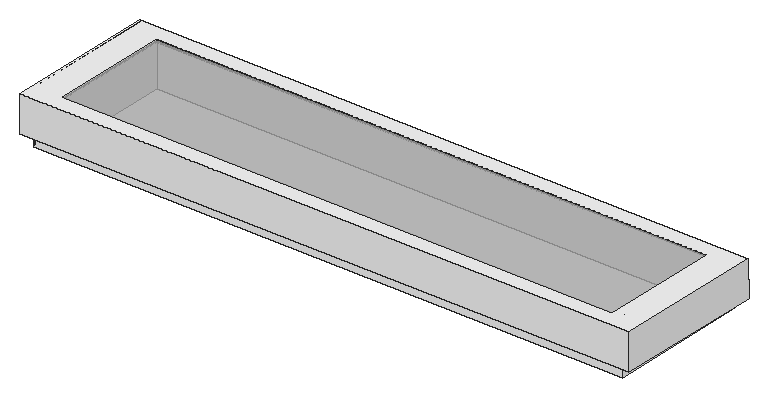
Revit family "2059438 Lighting Fixture_Sylvania_Lytepanel II-Surface 1200x300_Surface Mounted", category Lighting Fixtures, host Face, Revit 2017
Family settings
  Host = Face
  Round Connector Dimension = Use Diameter
  Part Type = Normal
  OmniClass Number = 23.80.70.11.17
  OmniClass Title = Specialized Lighting by Location or Use
  Cut with Voids When Loaded = No
  Light Source = Yes
  Shared = No
  Room Calculation Point = No
Parameters (values of type "LYTEPANEL II 1200 4K DALI SM")
  Width = 310.0 mm
  Weight = 8.2 kg
  Wattage Comments = ""
  Wattage = 41.2971 W
  built-in parameter 1150110 = 1 (stored number, unit not read)
  Voltage Comments = "UNI ( Universal Voltage; 220-240 Volt )"  # constant formula
  Voltage = 230 V  # constant formula
  URL = "http://www.sylvania-lighting.com"
  built-in parameter 1114217 = 1 (stored number, unit not read)
  Tilt Angle = -90.00°
  built-in parameter 1150109 = 1 (stored number, unit not read)
  built-in parameter 1150134 = 12
  built-in parameter 1150113 = 1 (stored number, unit not read)
  Reflector Material = Metal_Sylvania_Lytepanel II_Silver
  Product Page URL = "http://www.sylvania-lighting.com/product/en-int/products/2059438"
  Product Family = "LYTEPANEL II SURFACE 1200x300"  # constant formula
  Photometry Comments = ""
  Photometric Web File = "2059438_LYTEPANELII12004KDALISM-208806.ies"
  Life = "50 000h"  # constant formula
  Length = 1260.0 mm
  LOR = "100%"  # constant formula
  IP Rating = "IP40"  # constant formula
  IK Rating = "IK02"  # constant formula
  Glare Control = "UGR<18"
  Electrical Protection = "CLASS I"  # constant formula
  Dimming Range = "1%-100%"  # constant formula
  CRI ( Ra ) = 80  # constant formula
  Body Material = Steel_Sylvania_Lytepanel II_White
  Height = 95.0 mm
  Glow Wire Test = 650 °C  # constant formula
  Energy Class = "A++,A+, A"  # constant formula
  Emit from Rectangle Width = Width - 64.0 mm  # 246.0 mm
  Emit from Rectangle Length = Length - 120.0 mm  # 1140.0 mm
  Emit Shape Visible in Rendering = no
  Drive Current = "275mA"
  Diffuser Material = Polycarbonate_Sylvania_Lytepanel II_
  Created by = "Feilo Sylvania"  # constant formula
  built-in parameter 1114216 [instance] = 1 (stored number, unit not read)
  Model = "LYTEPANEL II 1200 4K DALI SM"
  Manufacturer = "Feilo Sylvania"
  built-in parameter 1150105 = 2053.6 (stored number, unit not read)
  Lumens = 4349 lm
  built-in parameter 1150115 = 1 (stored number, unit not read)
  built-in parameter 1150137 = (empty or 0)
  built-in parameter 1150139 = (empty or 0)
  built-in parameter 1150112 = 1 (stored number, unit not read)
  built-in parameter 1150114 = 1 (stored number, unit not read)
  Lamp = "Integrated LED"
  built-in parameter 1150132 = 2
  built-in parameter 1150102 = (empty or 0)
  built-in parameter 1150107 = 4000 (stored number, unit not read)
  built-in parameter 1150138 = (empty or 0)
  built-in parameter 1150106 = 20.536 (stored number, unit not read)
  built-in parameter 1150104 = 9.7836 (stored number, unit not read)
  Dimming Lamp Color Temperature Shift = <None>
  Description = "Architectural flat panel with even homogenous light distribution. Lay-in for 600 x 600 & 1200 x 300 exposed T bar grid systems with SAS330/SAS330G versions available. Up to 4640 fixture lumens. Up to 145 lumens per watt effi ciency. Uses new highly transmissive LED diffuser material. Low glare version with UGR <18"  # constant formula
  Default Elevation = 0.0 mm
  Color Filter = 16777215
  Catalog Number = "2059438 LYTEPANEL II 1200 4K DALI SM"
  built-in parameter 1140040 [instance] = 1
  Beam Angle = 120.00°  # constant formula
  built-in parameter 1114218 = 1 (stored number, unit not read)
  built-in parameter 1150133 = 10 (stored number, unit not read)
  Assembly Code = "D5020200"
  Apparent Load Comments = ""
  Apparent Load = 32 VA
Reference planes
  plane 1 "Center (Front/Back)": y = 0
  plane 2 "Fixture Bottom": z = 95
  plane 3 "Center (Left/Right)": x = -27.322
  plane 4 "Fixture Left": x = -657.322
  plane 5 "Fixture Right": x = 602.678
  plane 6 "Fixture Back": y = 155
  plane 7 "Fixture Front": y = -155
  plane 8: y = 123
  plane 9: y = -123
  plane 10: x = 542.678
  plane 11: x = -597.322
  plane 12: z = 93
  plane 13: x = -655.322
  plane 14: x = 600.678
  plane 15: y = 153
  plane 16: y = -153
  plane 17: z = 21
  plane 18: z = 23
  plane 19: y = 146
  plane 20: y = -146
  plane 21: x = -637.322
  plane 22: x = 582.678
  plane 23: y = 144
  plane 24: y = -144
  plane 25: x = -635.322
  plane 26: x = 580.678
  plane 27: z = 2
  plane 28 "Reflector Bottom": z = 91
  plane 29: z = 89
  plane 30: x = -615.322
  plane 31: x = 560.678
  plane 32: y = 140
  plane 33: y = -140
  plane 34: x = -602.322
  plane 35: x = -600.322
  plane 36: x = 549.678
  plane 37: x = 545.678
  plane 38 "Reflector Top": z = 3
  plane 39 "Reflector Void Top": z = 5
  plane 40: y = 123
  plane 41: y = -123
  plane 42: x = -597.322
  plane 43: x = 542.678
  plane 44: x = -595.322
  plane 45: x = 540.678
  plane 46: y = 121
  plane 47: y = -121
  plane 48: y = 125
  plane 49: y = -125
  plane 50 "Fixture Top": z = 0
Forms (mm)
  Extrusion 1, solid, material "Steel_Sylvania_Lytepanel II_White" <- "Body Material", detail levels fine
    sketch origin (0, 0, 95) x (1, 0, 0) y (0, 1, 0)
      loop
        line (-657.322, 155) -> (-657.322, -155) -> (602.678, -155) -> (602.678, 155) -> (-657.322, 155)
      loop
        line (-597.322, 120) -> (-597.322, -120)
        arc (-597.322, -120) -> (-596.444, -122.121) -> (-594.322, -123) r 3
        line (-594.322, -123) -> (539.678, -123)
        arc (539.678, -123) -> (541.799, -122.121) -> (542.678, -120) r 3
        line (542.678, -120) -> (542.678, 120)
        arc (542.678, 120) -> (541.799, 122.121) -> (539.678, 123) r 3
        line (539.678, 123) -> (-594.322, 123)
        arc (-594.322, 123) -> (-596.444, 122.121) -> (-597.322, 120) r 3
    from -2 to 0
  Extrusion 2, solid, material "Steel_Sylvania_Lytepanel II_White" <- "Body Material", detail levels fine
    sketch origin (0, 0, 95) x (1, 0, 0) y (0, 1, 0)
      loop
        line (-657.322, 155) -> (-657.322, -155) -> (602.678, -155) -> (602.678, 155) -> (-657.322, 155)
      loop
        line (600.678, 153) -> (-655.322, 153) -> (-655.322, -153) -> (600.678, -153) -> (600.678, 153)
    from -72 to -2
  Extrusion 3, solid, material "Steel_Sylvania_Lytepanel II_White" <- "Body Material", detail levels fine
    sketch origin (0, 0, 95) x (1, 0, 0) y (0, 1, 0)
      loop
        line (-657.322, 155) -> (-657.322, -155) -> (602.678, -155) -> (602.678, 155) -> (-657.322, 155)
      loop
        line (-637.322, 146) -> (-637.322, -146) -> (582.678, -146) -> (582.678, 146) -> (-637.322, 146)
    from -74 to -72
  Extrusion 4, solid, material "Steel_Sylvania_Lytepanel II_White" <- "Body Material", detail levels fine
    sketch origin (0, 0, 95) x (1, 0, 0) y (0, 1, 0)
      loop
        line (582.678, 144) -> (582.678, 146) -> (-637.322, 146) -> (-637.322, 144) -> (582.678, 144)
      loop
        line (-637.322, -144) -> (-637.322, -146) -> (582.678, -146) -> (582.678, -144) -> (-637.322, -144)
    from -93 to -6
  Extrusion 5, solid, material "Steel_Sylvania_Lytepanel II_White" <- "Body Material", detail levels fine
    sketch origin (0, 0, 95) x (1, 0, 0) y (0, 1, 0)
      loop
        line (-635.322, 144) -> (-637.322, 144) -> (-637.322, -144) -> (-635.322, -144) -> (-635.322, 144)
      loop
        line (582.678, 144) -> (580.678, 144) -> (580.678, -144) -> (582.678, -144) -> (582.678, 144)
    from -93 to -72
  Extrusion 6, solid, material "Steel_Sylvania_Lytepanel II_White" <- "Body Material", detail levels fine
    sketch origin (0, 0, 95) x (1, 0, 0) y (0, 1, 0)
      loop
        line (-637.322, 146) -> (-637.322, -146) -> (582.678, -146) -> (582.678, 146) -> (-637.322, 146)
    from -95 to -93
  Extrusion 7, solid, material "Steel_Sylvania_Lytepanel II_White" <- "Body Material", detail levels fine
    sketch origin (0, 0, 95) x (1, 0, 0) y (0, 1, 0)
      loop
        line (-637.322, 146) -> (-637.322, 125) -> (582.678, 125) -> (582.678, 146) -> (-637.322, 146)
      loop
        line (-637.322, -146) -> (582.678, -146) -> (582.678, -125) -> (-637.322, -125) -> (-637.322, -146)
    from -6 to -4
  Extrusion 8, solid, material "Polycarbonate_Sylvania_Lytepanel II_" <- "Diffuser Material", detail levels fine
    sketch origin (0, 0, 95) x (1, 0, 0) y (0, 1, 0)
      loop
        line (-615.322, 140) -> (-615.322, -140) -> (560.678, -140) -> (560.678, 140) -> (-615.322, 140)
    from -4 to -2
  Blend 9, solid, material "Metal_Sylvania_Lytepanel II_Silver" <- "Reflector Material", detail levels fine
    base sketch origin (0, 0, 91) x (-1, 0, 0) y (0, -1, 0)
      loop
        line (-545.678, -125) -> (600.322, -125) -> (600.322, 125) -> (-545.678, 125) -> (-545.678, -125)
    top sketch origin (0, 0, 3) x (-1, 0, 0) y (0, -1, 0)
      loop
        line (597.322, -123) -> (597.322, 123) -> (-542.678, 123) -> (-542.678, -123) -> (597.322, -123)
    from 0 to 0
  Blend 10, void
    base sketch origin (0, 0, 91) x (-1, 0, 0) y (0, -1, 0)
      loop
        line (597.322, -123) -> (597.322, 123) -> (-542.678, 123) -> (-542.678, -123) -> (597.322, -123)
    top sketch origin (0, 0, 5) x (-1, 0, 0) y (0, -1, 0)
      loop
        line (595.322, -121) -> (595.322, 121) -> (-540.678, 121) -> (-540.678, -121) -> (595.322, -121)
    from 0 to 0
  Extrusion 11, solid, material "Steel_Sylvania_Lytepanel II_White" <- "Body Material", detail levels coarse+medium
    sketch origin (0, 0, 5) x (-1, 0, 0) y (0, -1, 0)
      loop
        line (657.322, -155) -> (657.322, 155) -> (-602.678, 155) -> (-602.678, -155) -> (657.322, -155)
    from 16 to 90
  Extrusion 12, solid, material "Steel_Sylvania_Lytepanel II_White" <- "Body Material", detail levels coarse+medium
    sketch origin (0, 0, 5) x (-1, 0, 0) y (0, -1, 0)
      loop
        line (637.322, -146) -> (637.322, 146) -> (-582.678, 146) -> (-582.678, -146) -> (637.322, -146)
    from -5 to 16
Cuts and joins
  Blend 10 cuts Blend 9
  joined: Extrusion 1, Extrusion 2, Extrusion 3
  joined: Extrusion 4, Extrusion 5, Extrusion 6, Extrusion 7
Dimensions and locks
  "Height": plane 2 "Fixture Bottom" to level
  "Length": plane 4 "Fixture Left" to plane 5 "Fixture Right"
  equal spacing: plane 6 "Fixture Back", plane 1 "Center (Front/Back)", plane 7 "Fixture Front"
  "Width": plane 6 "Fixture Back" to plane 7 "Fixture Front"
  plane 18 to plane 17 to plane 39 "Reflector Void Top" to plane 38 "Reflector Top" to plane 27 to level = 2.0 mm locked, 16.0 mm locked, 2.0 mm locked, 1.0 mm locked, 2.0 mm locked
  plane 2 "Fixture Bottom" to plane 12 to plane 28 "Reflector Bottom" to plane 29 = 2.0 mm locked, 2.0 mm locked, 2.0 mm locked
  plane 6 "Fixture Back" to plane 15 to plane 19 to plane 23 to plane 32 to plane 48 to plane 40 to plane 46 = 2.0 mm locked, 7.0 mm locked, 2.0 mm locked, 4.0 mm locked, 15.0 mm locked, 2.0 mm locked, 2.0 mm locked
  plane 7 "Fixture Front" to plane 16 to plane 20 to plane 24 to plane 33 to plane 49 to plane 41 to plane 47 = 2.0 mm locked, 7.0 mm locked, 2.0 mm locked, 4.0 mm locked, 15.0 mm locked, 2.0 mm locked, 2.0 mm locked
  equal spacing: plane 4 "Fixture Left", plane 3 "Center (Left/Right)", plane 5 "Fixture Right"
  plane 4 "Fixture Left" to plane 13 to plane 21 to plane 25 to plane 30 to plane 34 to plane 35 to plane 42 to plane 44 = 2.0 mm locked, 18.0 mm locked, 2.0 mm locked, 20.0 mm locked, 13.0 mm locked, 2.0 mm locked, 3.0 mm locked, 2.0 mm locked
  plane 45 to plane 43 to plane 37 to plane 36 to plane 31 to plane 26 to plane 22 to plane 14 to plane 5 "Fixture Right" = 2.0 mm locked, 3.0 mm locked, 4.0 mm locked, 11.0 mm locked, 20.0 mm locked, 2.0 mm locked, 18.0 mm locked, 2.0 mm locked
  aligned and locked: host face to level
  aligned and locked: plane 2 "Fixture Bottom" to imposter light
  aligned and locked: Extrusion 1 sketch curve to plane 4 "Fixture Left"
  aligned and locked: Extrusion 1 sketch curve to plane 6 "Fixture Back"
  aligned and locked: plane 5 "Fixture Right" to Extrusion 1 sketch curve
  aligned and locked: plane 7 "Fixture Front" to Extrusion 1 sketch curve
  aligned and locked: Extrusion 1 sketch curve to plane 11
  aligned and locked: Extrusion 1 sketch curve to plane 8
  aligned and locked: plane 10 to Extrusion 1 sketch curve
  aligned and locked: plane 9 to Extrusion 1 sketch curve
  aligned and locked: Extrusion 1 to plane 12
  aligned and locked: plane 2 "Fixture Bottom" to Extrusion 1
  aligned and locked: Extrusion 2 sketch curve to plane 4 "Fixture Left"
  aligned and locked: plane 5 "Fixture Right" to Extrusion 2 sketch curve
  aligned and locked: Extrusion 2 sketch curve to plane 6 "Fixture Back"
  aligned and locked: plane 7 "Fixture Front" to Extrusion 2 sketch curve
  aligned and locked: plane 14 to Extrusion 2 sketch curve
  aligned and locked: Extrusion 2 sketch curve to plane 13
  aligned and locked: plane 16 to Extrusion 2 sketch curve
  aligned and locked: Extrusion 2 sketch curve to plane 15
  aligned and locked: plane 12 to Extrusion 2
  aligned and locked: Extrusion 2 to plane 18
  aligned and locked: Extrusion 3 sketch curve to plane 4 "Fixture Left"
  aligned and locked: Extrusion 3 sketch curve to plane 21
  aligned and locked: plane 5 "Fixture Right" to Extrusion 3 sketch curve
  aligned and locked: plane 22 to Extrusion 3 sketch curve
  aligned and locked: Extrusion 3 sketch curve to plane 6 "Fixture Back"
  aligned and locked: Extrusion 3 sketch curve to plane 19
  aligned and locked: plane 7 "Fixture Front" to Extrusion 3 sketch curve
  aligned and locked: plane 20 to Extrusion 3 sketch curve
  aligned and locked: Extrusion 3 to plane 17
  aligned and locked: plane 18 to Extrusion 3
  aligned and locked: Extrusion 4 sketch curve to plane 19
  aligned and locked: Extrusion 4 sketch curve to plane 21  (x2)
  aligned and locked: plane 22 to Extrusion 4 sketch curve  (x2)
  aligned and locked: plane 20 to Extrusion 4 sketch curve
  aligned and locked: plane 24 to Extrusion 4 sketch curve
  aligned and locked: plane 23 to Extrusion 4 sketch curve
  aligned and locked: Extrusion 5 sketch curve to plane 25
  aligned and locked: Extrusion 5 sketch curve to plane 21
  aligned and locked: plane 22 to Extrusion 5 sketch curve
  aligned and locked: plane 26 to Extrusion 5 sketch curve
  aligned and locked: Extrusion 5 sketch curve to plane 23
  aligned and locked: plane 24 to Extrusion 5 sketch curve
  aligned and locked: Extrusion 4 to plane 27
  aligned and locked: Extrusion 5 to plane 27
  aligned and locked: Extrusion 6 sketch curve to plane 21
  aligned and locked: plane 22 to Extrusion 6 sketch curve
  aligned and locked: Extrusion 6 sketch curve to plane 19
  aligned and locked: plane 20 to Extrusion 6 sketch curve
  aligned and locked: plane 27 to Extrusion 6
  aligned and locked: Extrusion 6 to level
  aligned and locked: plane 18 to Extrusion 5
  aligned and locked: Extrusion 7 sketch curve to plane 19
  aligned and locked: plane 20 to Extrusion 7 sketch curve
  aligned and locked: Extrusion 7 sketch curve to plane 21
  aligned and locked: plane 22 to Extrusion 7 sketch curve
  aligned and locked: Extrusion 8 sketch curve to plane 32
  aligned and locked: plane 30 to Extrusion 8 sketch curve
  aligned and locked: Extrusion 8 sketch curve to plane 33
  aligned and locked: plane 31 to Extrusion 8 sketch curve
  aligned and locked: Extrusion 8 to plane 28 "Reflector Bottom"
  aligned and locked: plane 12 to Extrusion 8
  aligned and locked: plane 28 "Reflector Bottom" to Extrusion 7
  aligned and locked: Extrusion 7 to plane 29
  aligned and locked: plane 29 to Extrusion 4
  aligned and locked: plane 37 to Blend 9 sketch curve
  aligned and locked: Blend 9 sketch curve to plane 35
  aligned and locked: Blend 9 sketch curve to plane 40
  aligned and locked: Blend 9 sketch curve to plane 42
  aligned and locked: plane 43 to Blend 9 sketch curve
  aligned and locked: plane 41 to Blend 9 sketch curve
  aligned and locked: plane 38 "Reflector Top" to Blend 9
  aligned and locked: plane 28 "Reflector Bottom" to Blend 9
  aligned and locked: Blend 10 sketch curve to plane 42
  aligned and locked: Blend 10 sketch curve to plane 40
  aligned and locked: plane 43 to Blend 10 sketch curve
  aligned and locked: plane 41 to Blend 10 sketch curve
  aligned and locked: Blend 10 sketch curve to plane 44
  aligned and locked: Blend 10 sketch curve to plane 46
  aligned and locked: plane 45 to Blend 10 sketch curve
  aligned and locked: plane 47 to Blend 10 sketch curve
  aligned and locked: Blend 10 to plane 39 "Reflector Void Top"
  aligned and locked: plane 28 "Reflector Bottom" to Blend 10
  aligned and locked: Blend 9 sketch curve to plane 48
  aligned and locked: plane 49 to Blend 9 sketch curve
  aligned and locked: Extrusion 7 sketch curve to plane 48
  aligned and locked: plane 49 to Extrusion 7 sketch curve
  aligned and locked: plane 11 to plane 42
  aligned and locked: plane 40 to plane 8
  aligned and locked: plane 41 to plane 9
  aligned and locked: plane 10 to plane 43
  aligned and locked: plane 1 "Center (Front/Back)" to imposter light
  aligned and locked: imposter light to plane 3 "Center (Left/Right)"
  aligned and locked: Extrusion 11 sketch curve to plane 4 "Fixture Left"
  aligned and locked: Extrusion 11 sketch curve to plane 6 "Fixture Back"
  aligned and locked: plane 7 "Fixture Front" to Extrusion 11 sketch curve
  aligned and locked: plane 5 "Fixture Right" to Extrusion 11 sketch curve
  aligned and locked: plane 2 "Fixture Bottom" to Extrusion 11
  aligned and locked: Extrusion 11 to plane 17
  aligned and locked: Extrusion 12 sketch curve to cut or joined group of Extrusion 1, Extrusion 2, Extrusion 3  (x4)
  aligned and locked: plane 17 to Extrusion 12
  aligned and locked: Extrusion 12 to level
  aligned and locked: level to plane 50 "Fixture Top"
Automatic sketch dimensions
  host sketch curve to host sketch curve = 1874.119 mm
  host sketch curve to host sketch curve = 1731.672 mm
  plane 44 to Extrusion 1 sketch curve = 1.0 mm  (x2)
  Extrusion 1 sketch curve to plane 47 = 1.0 mm
  plane 45 to Extrusion 1 sketch curve = 1.0 mm
  plane 24 to Extrusion 5 sketch curve = 0.0 mm
  Extrusion 5 sketch curve to plane 23 = 0.0 mm
  Extrusion 7 sketch curve to plane 21 = 0.0 mm
  Extrusion 7 sketch curve to plane 22 = 0.0 mm
Connectors
  electrical at (-27.322, 0, 0), driven by "Voltage", driven by "Apparent Load"
    settings: on cut or joined group of Extrusion 4, Extrusion 5, Extrusion 6, Extrusion 7, index 1, voltage 230 V, apparent load 0 VA, apparent load phase1 32 VA, apparent load phase2 0 VA, apparent load phase3 0 VA, power factor 1, load classification "Lighting", number of poles 1, system type 31, power factor state 1, is connector primary yes, connector utility no, sub classification motor no, connector description ""
